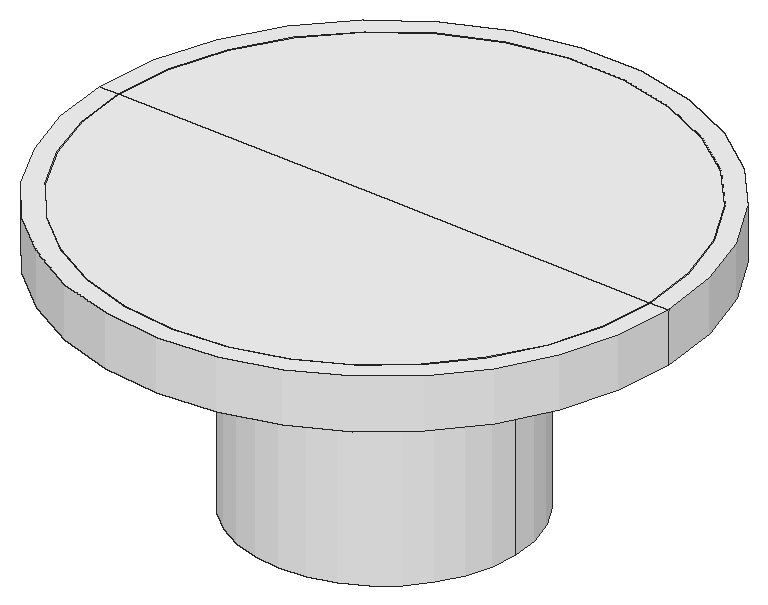
Revit family "Plumbing Fixture-FloorDrain_Mifab_C1230", category Plumbing Fixtures, host Face, Revit 2013
Parameters (values of type "2"")
  WFU = 0
  URL = "WWW.MIFAB.COM"
  Top Assembly Height = 0.000"
  Strainer Radius = Stainer Diameter / 2  # 2.600"
  Stainer Diameter = 5.200"
  Pipe Radius = Pipe Diameter / 2  # 1.000"
  Pipe Diameter = 2.000"
  Model = "C1230"
  Manufacturer = "MIFAB"
  Floor Drain Material = Paint - Sherwin Williams Paint - #952C2A - Bellwood Red
  Description = "LINE OR FLOOR CLEANOUT"
  Default Elevation = 0.000"
  Body Height = 2.500"
Types (4): name | Pipe Radius | Pipe Diameter
  (no name) | 1.000" | 2.000"
  3" | 1.500" | 3.000"
  2" | 1.000" | 2.000"
  4" | 2.000" | 4.000"
Reference planes (in)
  plane 1 "Center (Front/Back)": y = 0
  plane 2: z = 0
  plane 3 "Center (Left/Right)": x = 0
  plane 4: x = -2.6
  plane 5: x = 2.6
  plane 6: z = -2.5
  plane 7: x = -1
  plane 8: x = 1
  plane 9: z = 0
Forms (in)
  Revolve 1, solid, material "Paint - Sherwin Williams Paint - #952C2A - Bellwood Red" <- "Floor Drain Material"
    sketch origin (0, 0, 0) x (1, 0, 0) y (0, 0, 1)
      loop
        line (1.2, -2.5) -> (1.2, -0.5402) -> (2.6, -0.4522) -> (2.6, 0) -> (2.43, 0) -> (2.43, -0.19) -> (1, -0.19) -> (1, -2.5) -> (1.2, -2.5)
      axis (0, -2.5) -> (0, 0)
    angle from 0 to 360
  Revolve 2, solid, material "Paint - Sherwin Williams Paint - #952C2A - Bellwood Red" <- "Floor Drain Material"
    sketch origin (0, 0, 0) x (1, 0, 0) y (0, 0, 1)
      loop
        line (0, -0.39) -> (1, -0.39) -> (1, -0.19) -> (2.43, -0.19) -> (2.43, 0) -> (0, 0) -> (0, -0.39)
      axis (0, 0) -> (0, -0.39)
    angle from 0 to 360
Lines and regions (in)
  symbolic lines
    curve 1: circle (0, 0, 0) r 2.6 normal (0, 0, 1)
Dimensions and locks (in)
  equal spacing: plane 5, plane 3 "Center (Left/Right)", plane 4
  "Stainer Diameter": plane 5 to plane 4
  "Body Height": plane 9 to plane 6
  equal spacing: plane 8, plane 3 "Center (Left/Right)", plane 7
  "Pipe Diameter": plane 8 to plane 7
  "Top Assembly Height": host face to plane 9
  locked: Revolve 1 sketch curve to Revolve 1 sketch curve at 0.2
  locked: Revolve 1 to Revolve 2 sketch curve at 0.2
  locked: Revolve 2 sketch curve to plane 5 at 0.17
  "Strainer Radius": radius of curve 1
  aligned and locked: plane 2 to host face
  aligned and locked: level to host face
  aligned and locked: plane 1 "Center (Front/Back)" to curve 1
  aligned and locked: plane 3 "Center (Left/Right)" to curve 1
  aligned and locked: plane 6 to Revolve 1 sketch curve  (x2)
  aligned and locked: Revolve 1 sketch curve to level
  aligned and locked: plane 5 to Revolve 1 sketch curve
  aligned and locked: plane 3 "Center (Left/Right)" to Revolve 2 sketch curve
  aligned and locked: Revolve 2 sketch curve to level
  aligned and locked: Revolve 2 sketch curve to Revolve 1  (x2)
  aligned and locked: Revolve 2 sketch curve to Revolve 2 sketch curve
Automatic sketch dimensions
  host sketch curve to host sketch curve = 96.000"  (x2)
  plane 8 to Revolve 1 sketch curve = 0.000"
  Revolve 1 sketch curve to level = 0.5402"
  Revolve 1 sketch curve to level = 0.000"
  Revolve 1 sketch curve to plane 3 "Center (Left/Right)" = 0.000"
  Revolve 1 sketch curve to Revolve 1 sketch curve = 0.170"
  Revolve 1 sketch curve to Revolve 1 sketch curve = 0.088"
  Revolve 1 sketch curve to level = 0.190"
  plane 8 to Revolve 2 sketch curve = 0.000"
  Revolve 2 sketch curve to level = 0.000"
  plane 1 "Center (Front/Back)" to curve 1 = 0.000"
  curve 1 to plane 3 "Center (Left/Right)" = 0.000"
Connectors (in)
  piping at (0, 0, -2.5), driven by "Pipe Radius"
    settings: on Revolve 1, index 1, connector radius 1", flow factor 0, pipe flow 0 GPM, pressure drop 0.00 psi, fitting loss kfactor 0, connector angle 0.00°, fixture units 0, engagement length 0.000", flow configuration 0, flow direction 0, fitting loss method 0, system type 7, joint type 0, gender type 0, connector reference index -1, connector utility 0, adjustable connector no, is connector primary yes, fitting loss table "", connector description ""
